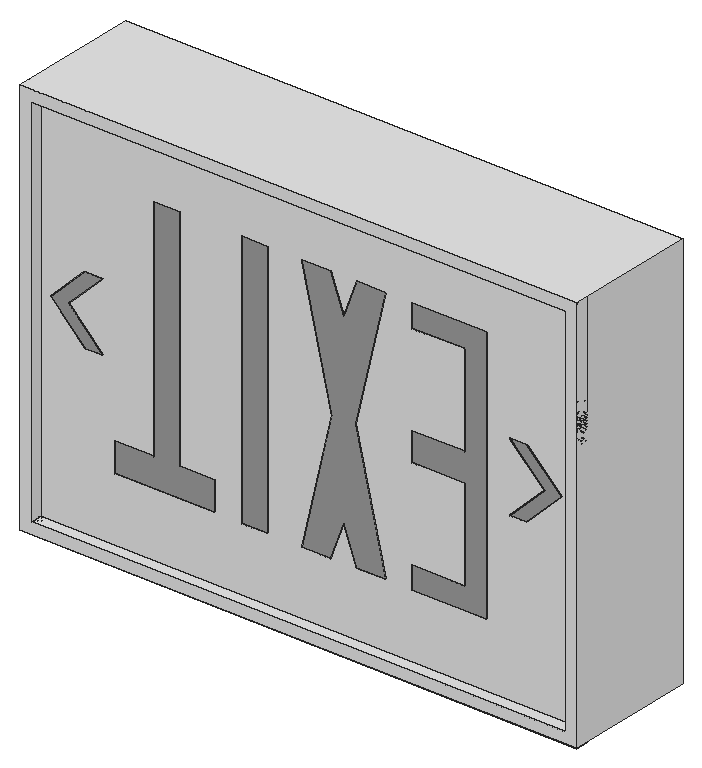
Revit family "LED SERIES", category Lighting Fixtures, host Face, Revit 2021
Family settings
  Host = Face
  Round Connector Dimension = Use Diameter
  Part Type = Normal
  OmniClass Number = 23.80.70.11
  OmniClass Title = Luminaries for Internal Lighting
  Cut with Voids When Loaded = No
  Light Source = Yes
  Shared = No
  Room Calculation Point = No
Parameters (values of type "LED SERIES")
  Wattage Comments = "5W"
  Wattage = 9.2903 W
  built-in parameter 1150110 = 1 (stored number, unit not read)
  URL = "https://www.currentlighting.com/lifeshield"
  built-in parameter 1114217 = 1 (stored number, unit not read)
  built-in parameter 1150109 = 1 (stored number, unit not read)
  built-in parameter 1150134 = 3
  built-in parameter 1150113 = 1 (stored number, unit not read)
  Product Page URL = ""
  Product Documentation Link = ""
  Model = "LED SERIES"  # constant formula
  Manufacturer Phone = ""
  Manufacturer Fax = ""
  Manufacturer = "Lifeshield"  # constant formula
  built-in parameter 1150105 = 109.82 (stored number, unit not read)
  Lumens = 1380 lm
  built-in parameter 1150115 = 1 (stored number, unit not read)
  Light Source Symbol Size = 1"
  built-in parameter 1150137 = (empty or 0)
  built-in parameter 1150139 = (empty or 0)
  Lettering = Red
  built-in parameter 1150112 = 1 (stored number, unit not read)
  built-in parameter 1150114 = 1 (stored number, unit not read)
  Lamp = "Two"
  Opal lens = Etched Glass
  built-in parameter 1150132 = (empty or 0)
  built-in parameter 1150102 = (empty or 0)
  built-in parameter 1150107 = 3200 (stored number, unit not read)
  built-in parameter 1150138 = (empty or 0)
  built-in parameter 1150106 = 1.0982 (stored number, unit not read)
  Green = Green
  Finish2 = White
  Finish = Black
  Emit from Circle Diameter = 5"
  Emit Shape Visible in Rendering = no
  built-in parameter 1150104 = 13.8 (stored number, unit not read)
  Dimming Lamp Color Temperature Shift = <None>
  Description = "Formed aluminum exit sign for light industrial or commercial applications."  # constant formula
  Default Elevation = 48"
  Color Filter = 16777215
  built-in parameter 1114218 = 1 (stored number, unit not read)
  built-in parameter 1150133 = 10 (stored number, unit not read)
Reference planes (in)
  plane 1 "Center (Front/Back)": y = 0
  plane 2: z = 0
  plane 3 "Center (Left/Right)": x = 0
  plane 4: y = -1.5625
  plane 5: z = 5.52538
  plane 6: z = 5.52538
  plane 7: z = 9
  plane 8: x = 6.9375
  plane 9: x = -6.0625
  plane 10: y = -1.40755
  plane 11: y = 1.5625
  plane 12: x = -6.0625
  plane 13: y = 0.35
  plane 14: y = -0.35
Forms (in)
  Extrusion 1, solid, material "White" <- "Finish2"
    sketch origin (0.4375, 0, -0.75) x (1, 0, 0) y (0, 0, 1)
      loop
        line (-6.5, 9.75) -> (-6.5, 0.75) -> (6.0625, 0.75) -> (6.0625, 9.75) -> (-6.5, 9.75)
      loop
        line (-6.25, 9.5) -> (-6.25, 1) -> (5.8125, 1) -> (5.8125, 9.5) -> (-6.25, 9.5)
    from -1.3701 to 1.40755
  Extrusion 2, solid, material "Red" <- "Lettering"
    sketch origin (0, -1.40755, -1.29619) x (1, 0, 0) y (0, 0, 1)
      loop
        line (3.74305, 8.29619) -> (3.74305, 6.21428) -> (2.56103, 6.21428) -> (2.56103, 5.89971) -> (2.56103, 5.58514) -> (3.74305, 5.58514) -> (3.74305, 3.50323) -> (2.56103, 3.50323) -> (2.56103, 3.00323) -> (4.24305, 3.00323) -> (4.24305, 5.89971) -> (4.24305, 8.79619) -> (2.56103, 8.79619) -> (2.56103, 8.29619) -> (3.74305, 8.29619)
      loop
        line (1.96033, 8.7951) -> (1.30504, 8.7951) -> (1.017, 8.00371) -> (0.72896, 8.7951) -> (0.07367, 8.7951) -> (0.74212, 5.89971) -> (0.07367, 3.00432) -> (0.72896, 3.00432) -> (1.017, 3.79571) -> (1.30504, 3.00432) -> (1.96033, 3.00432) -> (1.29187, 5.89971) -> (1.96033, 8.7951)
      loop
        line (-0.68897, 8.79619) -> (-1.28881, 8.79619) -> (-1.28881, 3.00432) -> (-0.68897, 3.00432) -> (-0.68897, 8.79619)
      loop
        line (-4.13663, 3.65961) -> (-4.13663, 3.00432) -> (-1.88663, 3.00432) -> (-1.88663, 3.65961) -> (-2.66803, 3.65961) -> (-2.66803, 8.79619) -> (-3.26787, 8.79619) -> (-3.26787, 3.65961) -> (-4.13663, 3.65961)
    from -0.2684 to -1.40755
  Extrusion 3, solid, material "Red"
    sketch origin (0, -1.40755, -1.1629) x (1, 0, 0) y (0, 0, 1)
      loop
        line (-4.79287, 5.1629) -> (-4.40693, 5.1629) -> (-5.1823, 5.93828) -> (-4.40693, 6.71365) -> (-4.79287, 6.71365) -> (-5.56825, 5.93828) -> (-4.79287, 5.1629)
      loop
        line (5.16353, 5.1629) -> (5.93891, 5.93828) -> (5.16353, 6.71365) -> (4.77759, 6.71365) -> (5.55297, 5.93828) -> (4.77759, 5.1629) -> (5.16353, 5.1629)
    from -0.49256 to -0.2684
  Extrusion 4, solid, material "White" <- "Finish2"
    sketch origin (0.4375, 0, 0) x (1, 0, 0) y (0, 0, 1)
      loop
        line (6.0625, 9) -> (-6.5, 9) -> (-6.5, 0) -> (6.0625, 0) -> (6.0625, 9)
      loop
        line (5.8125, 8.75) -> (-6.25, 8.75) -> (-6.25, 0.25) -> (5.8125, 0.25) -> (5.8125, 8.75)
    from 1.40755 to 1.13916
  Extrusion 5, void
    sketch origin (0, 0, -0.01342) x (1, 0, 0) y (0, 0, 1)
      loop
        line (-3.26787, 7.5) -> (-3.26787, 2.36342) -> (-4.13663, 2.36342) -> (-4.13663, 1.70813) -> (-1.88663, 1.70813) -> (-1.88663, 2.36342) -> (-2.66803, 2.36342) -> (-2.66803, 7.5) -> (-3.26787, 7.5)
      loop
        line (-1.28881, 7.5) -> (-1.28881, 1.70813) -> (-0.68897, 1.70813) -> (-0.68897, 7.5) -> (-1.28881, 7.5)
      loop
        line (0.07367, 1.70813) -> (0.72896, 1.70813) -> (1.017, 2.49952) -> (1.30504, 1.70813) -> (1.96033, 1.70813) -> (1.29187, 4.60352) -> (1.96033, 7.4989) -> (1.30504, 7.4989) -> (1.017, 6.70751) -> (0.72896, 7.4989) -> (0.07367, 7.4989) -> (0.74212, 4.60352) -> (0.07367, 1.70813)
      loop
        line (4.24305, 7.5) -> (2.56103, 7.5) -> (2.56103, 7) -> (3.74305, 7) -> (3.74305, 4.91809) -> (2.56103, 4.91809) -> (2.56103, 4.60352) -> (2.56103, 4.28894) -> (3.74305, 4.28894) -> (3.74305, 2.20703) -> (2.56103, 2.20703) -> (2.56103, 1.70703) -> (4.24305, 1.70703) -> (4.24305, 4.60352) -> (4.24305, 7.5)
      loop
        line (5.55297, 4.77538) -> (4.77759, 4) -> (5.16353, 4) -> (5.93891, 4.77538) -> (5.16353, 5.55076) -> (4.77759, 5.55076) -> (5.55297, 4.77538)
      loop
        line (-4.43818, 4.01562) -> (-5.21355, 4.791) -> (-4.43818, 5.56638) -> (-4.82412, 5.56638) -> (-5.5995, 4.791) -> (-4.82412, 4.01562) -> (-4.43818, 4.01562)
    from 0 to 1.5625
  Extrusion 6, solid, material "White" <- "Finish2"
    sketch origin (0, 0, 1) x (1, 0, 0) y (0, 0, 1)
      loop
        line (6.5, 8) -> (-6.0625, 8) -> (-6.0625, -1) -> (6.5, -1) -> (6.5, 8)
    from -1.5625 to -1.3701
  Extrusion 7, solid, material "White" <- "Finish2"
    sketch origin (0, 0, 0) x (1, 0, 0) y (0, 0, 1)
      loop
        line (-5.8125, 8.75) -> (-5.8125, 0.25) -> (6.25, 0.25) -> (6.25, 8.75) -> (-5.8125, 8.75)
    from 0.915 to 1.13916
  Extrusion 8, void
    sketch origin (-6.0625, 1.5625, 48) x (0, 1, 0) y (0, 0, 1)
      loop
        line (-0.80958, -40.22787) -> (-2.30958, -40.22787) -> (-2.30958, -41.72787) -> (-0.80958, -41.72787) -> (-0.80958, -40.22787)
    from 0 to 0.11117
  Revolve 9, solid, material "Black" <- "Finish"
    sketch origin (0, -0.35, 7.70486) x (0, 0, 1) y (-1, 0, 0)
      loop
        line (-0.68273, 5.95133) -> (-0.68273, 6.20133) -> (-0.85806, 6.20133)
        arc (-0.85806, 6.20133) -> (-0.91086, 6.17946) -> (-0.93273, 6.12666) r 0.07467
        line (-0.93273, 6.12666) -> (-0.93273, 5.95133) -> (-0.68273, 5.95133)
      axis (-0.68273, 6.20133) -> (-0.68273, 5.95133)
    angle from 0 to 360
  Revolve 10, solid, material "Black" <- "Finish"
    sketch origin (0, 0.35, 7.70486) x (0, 0, 1) y (-1, 0, 0)
      loop
        line (-0.68273, 6.20133) -> (-0.77055, 6.20133)
        arc (-0.77055, 6.20133) -> (-0.81018, 6.18492) -> (-0.8266, 6.14528) r 0.05605
        line (-0.8266, 6.14528) -> (-0.8266, 5.95133) -> (-0.68273, 5.95133) -> (-0.68273, 6.20133)
      axis (-0.68273, 6.20133) -> (-0.68273, 5.95133)
    angle from 0 to 360
  Revolve 11, solid, material "Red" <- "Lettering"
    sketch origin (0, -0.35, 7.70486) x (0, 0, 1) y (-1, 0, 0)
      loop
        arc (-0.51401, 6.20133) -> (-0.56343, 6.32064) -> (-0.68273, 6.37005) r 0.16872
        line (-0.68273, 6.37005) -> (-0.68273, 6.20133) -> (-0.51401, 6.20133)
      axis (-0.68273, 6.37005) -> (-0.68273, 6.20133)
    angle from 0 to 360
  Revolve 12, solid, material "Green" <- "Green"
    sketch origin (0, 0.35, 7.70486) x (0, 0, 1) y (-1, 0, 0)
      loop
        line (-0.68273, 6.20133) -> (-0.59604, 6.20133)
        arc (-0.59604, 6.20133) -> (-0.61584, 6.27261) -> (-0.68273, 6.30419) r 0.08883
        line (-0.68273, 6.30419) -> (-0.68273, 6.20133)
      axis (-0.68273, 6.30419) -> (-0.68273, 6.20133)
    angle from 0 to 360
Cuts and joins
  Extrusion 5, Extrusion 8 cuts Extrusion 1
  Extrusion 8 cuts Extrusion 6
  joined: Extrusion 1, Extrusion 6
  Extrusion 5 cuts Extrusion 4
  Extrusion 5 cuts Extrusion 7
  Extrusion 8 cuts Extrusion 2
Dimensions and locks (in)
  aligned and locked: plane 2 to host face
  aligned and locked: level to host face
  aligned and locked: Extrusion 2 sketch curve to Extrusion 2 sketch curve
  aligned and locked: plane 7 to Extrusion 1 sketch curve
  aligned and locked: Extrusion 1 sketch curve to plane 9
  aligned and locked: Extrusion 5 to plane 1 "Center (Front/Back)"
  aligned and locked: cut or joined group of Extrusion 1, Extrusion 5, Extrusion 6, Extrusion 8 to Extrusion 6 sketch curve  (x2)
  aligned and locked: Extrusion 6 sketch curve to cut or joined group of Extrusion 1, Extrusion 5, Extrusion 6, Extrusion 8
  aligned and locked: Extrusion 6 to Extrusion 1
  aligned and locked: cut or joined group of Extrusion 1, Extrusion 5, Extrusion 6, Extrusion 8 to Extrusion 4
  aligned and locked: Extrusion 7 to cut or joined group of Extrusion 1, Extrusion 5, Extrusion 6, Extrusion 8
  aligned and locked: Extrusion 4 sketch curve to cut or joined group of Extrusion 5, Extrusion 7
  aligned and locked: Extrusion 5 to plane 4
  aligned and locked: Extrusion 6 to plane 11
  aligned and locked: Extrusion 1 to Extrusion 6
  aligned and locked: cut or joined group of Extrusion 5, Extrusion 7 to Extrusion 3
  aligned and locked: cut or joined group of Extrusion 1, Extrusion 5, Extrusion 6, Extrusion 8 to Extrusion 8
  aligned and locked: Extrusion 8 to cut or joined group of Extrusion 1, Extrusion 5, Extrusion 6, Extrusion 8
  aligned and locked: Revolve 9 sketch curve to Revolve 9 sketch curve
  aligned and locked: Revolve 10 sketch curve to Revolve 10 sketch curve
  aligned and locked: Revolve 11 sketch curve to Revolve 11 sketch curve
  aligned and locked: Revolve 12 sketch curve to Revolve 12 sketch curve
Connectors (in)
  electrical at (0.21875, 1.5625, 4.5)
    settings: on cut or joined group of Extrusion 1, Extrusion 5, Extrusion 6, Extrusion 8, index 1, voltage 0 V, apparent load 0 VA, apparent load phase1 0 VA, apparent load phase2 0 VA, apparent load phase3 0 VA, power factor 1, load classification "Other", number of poles 1, system type 30, power factor state 1, is connector primary yes, connector utility no, sub classification motor no, connector description ""
